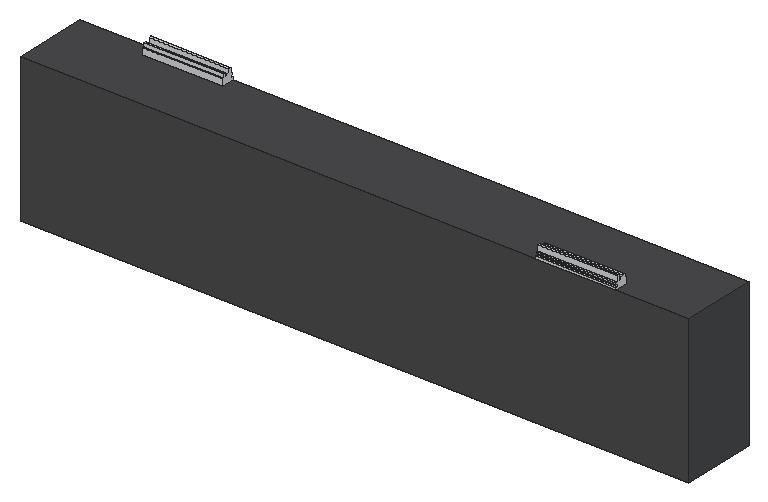
Revit family "DTM15W3.1.36", category Luminarias, Revit 2019
Family settings
  Cota de conector redondo = Diámetro de uso
  Tipo de pieza = Normal
  Se basa en plano de trabajo = Sí
  Siempre vertical = Sí
  Corte con vacíos al cargar = No
  Origen de luz = Sí
  Compartido = No
  Punto de cálculo de habitación = No
Parameters (values of type "RECTANGULAR DWN RIEL_DTM15W3.1.36")
  Ángulo de inclinación = 60.00°
  Zone [instance] = ""
  Watt per fixture = 15
  Wattage = 15 W
  built-in parameter 1150107 = 3000 (stored number, unit not read)
  built-in parameter 1150110 = 1 (stored number, unit not read)
  built-in parameter 1150109 = 1 (stored number, unit not read)
  built-in parameter 1150112 = 1 (stored number, unit not read)
  built-in parameter 1150113 = 1 (stored number, unit not read)
  built-in parameter 1114218 = 1 (stored number, unit not read)
  Keynote = ""
  built-in parameter 1150137 = (empty or 0)
  built-in parameter 1150132 = (empty or 0)
  Modelo = "DTM15W3.1.36"
  Lámpara = "3030SMD PHILIPS"
  built-in parameter 1150105 = 102.65 (stored number, unit not read)
  built-in parameter 1150102 = (empty or 0)
  built-in parameter 1150106 = 1.0265 (stored number, unit not read)
  Lumens = 1290 lm
  Color Filter = 16777215
  built-in parameter 1114217 = 1 (stored number, unit not read)
  built-in parameter 1150139 = (empty or 0)
  Fabricante = "BRILLANT"
  Default Elevation = 1219.2 mm
  built-in parameter 1150104 = 7.9897 (stored number, unit not read)
  Descripción = "LUMINARIA DOWNLIGHT EN FORMATO RECTANGULAR COMPATIBLE CON RIEL DE 6 ENTRADAS Y 3 CIRCUITOS, CUERPO DE ALUMINIO ACABADO EN COLOR NEGRO, IP 20, PESO 0.78Kg, TIPO DE LED 3030SMD PHILIPS CON 15W TOTAL, 1300 LUMENES, 86LM/W, IRC 90, TEMPERATURA EN BLANCO CALIDO 3000K, 50 MIL HORAS DE VIDA PROMEDIO, APERTURA DE 36 GRADOS POR PROYECTO, ALIMENTADO A 90-240V"
  built-in parameter 1150115 = 1 (stored number, unit not read)
  built-in parameter 1150114 = 1 (stored number, unit not read)
  Comentarios de vataje = "90-240V"
  built-in parameter 1150138 = (empty or 0)
  built-in parameter 1150134 = (empty or 0)
  Circuit [instance] = ""
  Dimming Lamp Color Temperature Shift = (empty or 0)
  Archivo de red fotométrica = "L328A-15W-830-B-36_IESNA95.IES"
  built-in parameter 1150133 = 10 (stored number, unit not read)
Reference planes
  plane 1 "Centro (Frontal/Posterior)": y = 0
  plane 2: z = 0
  plane 3 "Centro (Izquierda/Derecha)": x = 0
Forms (mm)
  Extrusion 1, solid, material "Default Form"
    sketch origin (0, 0, 0) x (1, 0, 0) y (0, 0, 1)
      loop
        line (-164, 0) -> (-164, -72) -> (164, -72) -> (164, 0) -> (-164, 0)
    from -18.326 to 18.326
  Extrusion 2, solid
    sketch origin (0, 0, 3.217) x (0, 1, 0) y (0, 0, 1)
      loop
        line (-12.149, -3.217) -> (-12.149, 0) -> (-12.935, 0) -> (-12.935, 1.637) -> (-13.796, 1.637) -> (-13.796, 0) -> (-14.582, 0) -> (-14.582, 0.811) -> (-15.443, 0.811) -> (-15.443, 0) -> (-16.233, 0) -> (-16.233, 2.691) -> (-17.279, 2.691) -> (-17.279, 0) -> (-18.061, 0) -> (-18.061, -0.861) -> (-17.162, -0.861) -> (-17.162, -2.042) -> (-18.326, -2.042) -> (-18.326, -3.217) -> (-12.149, -3.217)
    from 89.098 to 128.24
  Blend 3, void
    base sketch origin (0, 0, 0) x (1, 0, 0) y (0, 1, 0)
      loop
        line (-162, 16.149) -> (-162, -16.149) -> (-144.14, -16.149) -> (-144.14, 16.149) -> (-162, 16.149)
    top sketch origin (0, 0, 0) x (1, 0, 0) y (0, 1, 0)
      loop
        line (-160, 12.149) -> (-160, -12.149) -> (-146.14, -12.149) -> (-146.14, 12.149) -> (-160, 12.149)
    from -72 to -61.591
  Blend 4, void
    base sketch origin (21.86, 0, 0) x (1, 0, 0) y (0, 1, 0)
      loop
        line (-162, 16.149) -> (-162, -16.149) -> (-144.14, -16.149) -> (-144.14, 16.149) -> (-162, 16.149)
    top sketch origin (21.86, 0, 0) x (1, 0, 0) y (0, 1, 0)
      loop
        line (-160, 12.149) -> (-160, -12.149) -> (-146.14, -12.149) -> (-146.14, 12.149) -> (-160, 12.149)
    from -72 to -61.591
  Blend 5, void
    base sketch origin (43.72, 0, 0) x (1, 0, 0) y (0, 1, 0)
      loop
        line (-162, 16.149) -> (-162, -16.149) -> (-144.14, -16.149) -> (-144.14, 16.149) -> (-162, 16.149)
    top sketch origin (43.72, 0, 0) x (1, 0, 0) y (0, 1, 0)
      loop
        line (-160, 12.149) -> (-160, -12.149) -> (-146.14, -12.149) -> (-146.14, 12.149) -> (-160, 12.149)
    from -72 to -61.591
  Blend 6, void
    base sketch origin (65.58, 0, 0) x (1, 0, 0) y (0, 1, 0)
      loop
        line (-162, 16.149) -> (-162, -16.149) -> (-144.14, -16.149) -> (-144.14, 16.149) -> (-162, 16.149)
    top sketch origin (65.58, 0, 0) x (1, 0, 0) y (0, 1, 0)
      loop
        line (-160, 12.149) -> (-160, -12.149) -> (-146.14, -12.149) -> (-146.14, 12.149) -> (-160, 12.149)
    from -72 to -61.591
  Blend 7, void
    base sketch origin (87.44, 0, 0) x (1, 0, 0) y (0, 1, 0)
      loop
        line (-162, 16.149) -> (-162, -16.149) -> (-144.14, -16.149) -> (-144.14, 16.149) -> (-162, 16.149)
    top sketch origin (87.44, 0, 0) x (1, 0, 0) y (0, 1, 0)
      loop
        line (-160, 12.149) -> (-160, -12.149) -> (-146.14, -12.149) -> (-146.14, 12.149) -> (-160, 12.149)
    from -72 to -61.591
  Blend 8, void
    base sketch origin (109.3, 0, 0) x (1, 0, 0) y (0, 1, 0)
      loop
        line (-162, 16.149) -> (-162, -16.149) -> (-144.14, -16.149) -> (-144.14, 16.149) -> (-162, 16.149)
    top sketch origin (109.3, 0, 0) x (1, 0, 0) y (0, 1, 0)
      loop
        line (-160, 12.149) -> (-160, -12.149) -> (-146.14, -12.149) -> (-146.14, 12.149) -> (-160, 12.149)
    from -72 to -61.591
  Blend 9, void
    base sketch origin (131.16, 0, 0) x (1, 0, 0) y (0, 1, 0)
      loop
        line (-162, 16.149) -> (-162, -16.149) -> (-144.14, -16.149) -> (-144.14, 16.149) -> (-162, 16.149)
    top sketch origin (131.16, 0, 0) x (1, 0, 0) y (0, 1, 0)
      loop
        line (-160, 12.149) -> (-160, -12.149) -> (-146.14, -12.149) -> (-146.14, 12.149) -> (-160, 12.149)
    from -72 to -61.591
  Blend 10, void
    base sketch origin (153.02, 0, 0) x (1, 0, 0) y (0, 1, 0)
      loop
        line (-162, 16.149) -> (-162, -16.149) -> (-144.14, -16.149) -> (-144.14, 16.149) -> (-162, 16.149)
    top sketch origin (153.02, 0, 0) x (1, 0, 0) y (0, 1, 0)
      loop
        line (-160, 12.149) -> (-160, -12.149) -> (-146.14, -12.149) -> (-146.14, 12.149) -> (-160, 12.149)
    from -72 to -61.591
  Blend 11, void
    base sketch origin (174.88, 0, 0) x (1, 0, 0) y (0, 1, 0)
      loop
        line (-162, 16.149) -> (-162, -16.149) -> (-144.14, -16.149) -> (-144.14, 16.149) -> (-162, 16.149)
    top sketch origin (174.88, 0, 0) x (1, 0, 0) y (0, 1, 0)
      loop
        line (-160, 12.149) -> (-160, -12.149) -> (-146.14, -12.149) -> (-146.14, 12.149) -> (-160, 12.149)
    from -72 to -61.591
  Blend 12, void
    base sketch origin (196.74, 0, 0) x (1, 0, 0) y (0, 1, 0)
      loop
        line (-162, 16.149) -> (-162, -16.149) -> (-144.14, -16.149) -> (-144.14, 16.149) -> (-162, 16.149)
    top sketch origin (196.74, 0, 0) x (1, 0, 0) y (0, 1, 0)
      loop
        line (-160, 12.149) -> (-160, -12.149) -> (-146.14, -12.149) -> (-146.14, 12.149) -> (-160, 12.149)
    from -72 to -61.591
  Blend 13, void
    base sketch origin (218.6, 0, 0) x (1, 0, 0) y (0, 1, 0)
      loop
        line (-162, 16.149) -> (-162, -16.149) -> (-144.14, -16.149) -> (-144.14, 16.149) -> (-162, 16.149)
    top sketch origin (218.6, 0, 0) x (1, 0, 0) y (0, 1, 0)
      loop
        line (-160, 12.149) -> (-160, -12.149) -> (-146.14, -12.149) -> (-146.14, 12.149) -> (-160, 12.149)
    from -72 to -61.591
  Blend 14, void
    base sketch origin (240.46, 0, 0) x (1, 0, 0) y (0, 1, 0)
      loop
        line (-162, 16.149) -> (-162, -16.149) -> (-144.14, -16.149) -> (-144.14, 16.149) -> (-162, 16.149)
    top sketch origin (240.46, 0, 0) x (1, 0, 0) y (0, 1, 0)
      loop
        line (-160, 12.149) -> (-160, -12.149) -> (-146.14, -12.149) -> (-146.14, 12.149) -> (-160, 12.149)
    from -72 to -61.591
  Blend 15, void
    base sketch origin (262.32, 0, 0) x (1, 0, 0) y (0, 1, 0)
      loop
        line (-162, 16.149) -> (-162, -16.149) -> (-144.14, -16.149) -> (-144.14, 16.149) -> (-162, 16.149)
    top sketch origin (262.32, 0, 0) x (1, 0, 0) y (0, 1, 0)
      loop
        line (-160, 12.149) -> (-160, -12.149) -> (-146.14, -12.149) -> (-146.14, 12.149) -> (-160, 12.149)
    from -72 to -61.591
  Blend 16, void
    base sketch origin (284.18, 0, 0) x (1, 0, 0) y (0, 1, 0)
      loop
        line (-162, 16.149) -> (-162, -16.149) -> (-144.14, -16.149) -> (-144.14, 16.149) -> (-162, 16.149)
    top sketch origin (284.18, 0, 0) x (1, 0, 0) y (0, 1, 0)
      loop
        line (-160, 12.149) -> (-160, -12.149) -> (-146.14, -12.149) -> (-146.14, 12.149) -> (-160, 12.149)
    from -72 to -61.591
  Blend 17, void
    base sketch origin (306.04, 0, 0) x (1, 0, 0) y (0, 1, 0)
      loop
        line (-162, 16.149) -> (-162, -16.149) -> (-144.14, -16.149) -> (-144.14, 16.149) -> (-162, 16.149)
    top sketch origin (306.04, 0, 0) x (1, 0, 0) y (0, 1, 0)
      loop
        line (-160, 12.149) -> (-160, -12.149) -> (-146.14, -12.149) -> (-146.14, 12.149) -> (-160, 12.149)
    from -72 to -61.591
  Extrusion 18, solid
    sketch origin (0, 0, 3.217) x (0, -1, 0) y (0, 0, 1)
      loop
        line (-12.149, -3.217) -> (-12.149, 0) -> (-12.935, 0) -> (-12.935, 1.637) -> (-13.796, 1.637) -> (-13.796, 0) -> (-14.582, 0) -> (-14.582, 0.811) -> (-15.443, 0.811) -> (-15.443, 0) -> (-16.233, 0) -> (-16.233, 2.691) -> (-17.279, 2.691) -> (-17.279, 0) -> (-18.061, 0) -> (-18.061, -0.861) -> (-17.162, -0.861) -> (-17.162, -2.042) -> (-18.326, -2.042) -> (-18.326, -3.217) -> (-12.149, -3.217)
    from 89.098 to 128.24
Cuts and joins
  Blend 3, Blend 4, Blend 5, Blend 6, Blend 7, Blend 8, Blend 9, Blend 10, Blend 11, Blend 12, Blend 13, Blend 14, Blend 15, Blend 16, Blend 17 cuts Extrusion 1
Dimensions and locks
  equal spacing: Extrusion 1, plane 1 "Centro (Frontal/Posterior)", Extrusion 1
  Extrusion 1 to plane 1 "Centro (Frontal/Posterior)" = 18.326 mm
  Extrusion 1 to Extrusion 1 = 36.651 mm
  Extrusion 1 to Extrusion 1 = 72 mm
  Extrusion 1 to Extrusion 1 = 328 mm
  equal spacing: group 1, group 2, group 3, group 4, group 5, group 6, group 7, group 8, group 9, group 10, group 11, group 12, group 13, group 14  (x3)
  cut or joined group 1 (Extrusion 1, Blend 3, Blend 4, Blend 5, Blend 6, Blend 7, Blend 8, Blend 9, Blend 10, Blend 11, Blend 12, Blend 13, Blend 14, Blend 15, Blend 16, Blend 17) to cut or joined group 1 = 72 mm
  cut or joined group 1 to cut or joined group 1 = 36.651 mm
  cut or joined group 1 to cut or joined group 1 = 328 mm
  equal spacing: cut or joined group 1, plane 1 "Centro (Frontal/Posterior)", cut or joined group 1
  aligned and locked: level to plane 2
Automatic sketch dimensions
  Blend 4 sketch curve to Blend 4 sketch curve = 17.86 mm
  Blend 4 sketch curve to Blend 4 sketch curve = 13.86 mm
  Blend 4 sketch curve to Blend 4 sketch curve = 32.298 mm
  Blend 4 sketch curve to Blend 4 sketch curve = 24.298 mm
  Blend 5 sketch curve to Blend 5 sketch curve = 17.86 mm
  Blend 5 sketch curve to Blend 5 sketch curve = 13.86 mm
  Blend 5 sketch curve to Blend 5 sketch curve = 32.298 mm
  Blend 5 sketch curve to Blend 5 sketch curve = 24.298 mm
  Blend 6 sketch curve to Blend 6 sketch curve = 17.86 mm
  Blend 6 sketch curve to Blend 6 sketch curve = 13.86 mm
  Blend 6 sketch curve to Blend 6 sketch curve = 32.298 mm
  Blend 6 sketch curve to Blend 6 sketch curve = 24.298 mm
  Blend 7 sketch curve to Blend 7 sketch curve = 17.86 mm
  Blend 7 sketch curve to Blend 7 sketch curve = 13.86 mm
  Blend 7 sketch curve to Blend 7 sketch curve = 32.298 mm
  Blend 7 sketch curve to Blend 7 sketch curve = 24.298 mm
  Blend 8 sketch curve to Blend 8 sketch curve = 17.86 mm
  Blend 8 sketch curve to Blend 8 sketch curve = 13.86 mm
  Blend 8 sketch curve to Blend 8 sketch curve = 32.298 mm
  Blend 8 sketch curve to Blend 8 sketch curve = 24.298 mm
  Blend 9 sketch curve to Blend 9 sketch curve = 17.86 mm
  Blend 9 sketch curve to Blend 9 sketch curve = 13.86 mm
  Blend 9 sketch curve to Blend 9 sketch curve = 32.298 mm
  Blend 9 sketch curve to Blend 9 sketch curve = 24.298 mm
  Blend 10 sketch curve to Blend 10 sketch curve = 17.86 mm
  Blend 10 sketch curve to Blend 10 sketch curve = 13.86 mm
  Blend 10 sketch curve to Blend 10 sketch curve = 32.298 mm
  Blend 10 sketch curve to Blend 10 sketch curve = 24.298 mm
  Blend 11 sketch curve to Blend 11 sketch curve = 17.86 mm
  Blend 11 sketch curve to Blend 11 sketch curve = 13.86 mm
  Blend 11 sketch curve to Blend 11 sketch curve = 32.298 mm
  Blend 11 sketch curve to Blend 11 sketch curve = 24.298 mm
  Blend 12 sketch curve to Blend 12 sketch curve = 17.86 mm
  Blend 12 sketch curve to Blend 12 sketch curve = 13.86 mm
  Blend 12 sketch curve to Blend 12 sketch curve = 32.298 mm
  Blend 12 sketch curve to Blend 12 sketch curve = 24.298 mm
  Blend 13 sketch curve to Blend 13 sketch curve = 17.86 mm
  Blend 13 sketch curve to Blend 13 sketch curve = 13.86 mm
  Blend 13 sketch curve to Blend 13 sketch curve = 32.298 mm
  Blend 13 sketch curve to Blend 13 sketch curve = 24.298 mm
  Blend 14 sketch curve to Blend 14 sketch curve = 17.86 mm
  Blend 14 sketch curve to Blend 14 sketch curve = 13.86 mm
  Blend 14 sketch curve to Blend 14 sketch curve = 32.298 mm
  Blend 14 sketch curve to Blend 14 sketch curve = 24.298 mm
  Blend 15 sketch curve to Blend 15 sketch curve = 17.86 mm
  Blend 15 sketch curve to Blend 15 sketch curve = 13.86 mm
  Blend 15 sketch curve to Blend 15 sketch curve = 32.298 mm
  Blend 15 sketch curve to Blend 15 sketch curve = 24.298 mm
  Blend 16 sketch curve to Blend 16 sketch curve = 17.86 mm
  Blend 16 sketch curve to Blend 16 sketch curve = 13.86 mm
  Blend 16 sketch curve to Blend 16 sketch curve = 32.298 mm
  Blend 16 sketch curve to Blend 16 sketch curve = 24.298 mm
  Blend 17 sketch curve to Blend 17 sketch curve = 17.86 mm
  Blend 17 sketch curve to Blend 17 sketch curve = 13.86 mm
  Blend 17 sketch curve to Blend 17 sketch curve = 32.298 mm
  Blend 17 sketch curve to Blend 17 sketch curve = 24.298 mm
  Extrusion 1 sketch curve to level = 0 mm
  Extrusion 1 sketch curve to level = 72 mm
  Extrusion 1 sketch curve to plane 3 "Centro (Izquierda/Derecha)" = 164 mm
  plane 3 "Centro (Izquierda/Derecha)" to Extrusion 1 sketch curve = 164 mm
  Blend 3 sketch curve to plane 1 "Centro (Frontal/Posterior)" = 16.149 mm
  Blend 3 sketch curve to plane 3 "Centro (Izquierda/Derecha)" = 162 mm
  Blend 3 sketch curve to Blend 3 sketch curve = 17.86 mm
  plane 1 "Centro (Frontal/Posterior)" to Blend 3 sketch curve = 16.149 mm
  Blend 3 sketch curve to plane 1 "Centro (Frontal/Posterior)" = 12.149 mm
  Blend 3 sketch curve to plane 3 "Centro (Izquierda/Derecha)" = 160 mm
  Blend 3 sketch curve to Blend 3 sketch curve = 13.86 mm
  plane 1 "Centro (Frontal/Posterior)" to Blend 3 sketch curve = 12.149 mm
  Extrusion 18 sketch curve to level = 0 mm
  level to Extrusion 18 sketch curve = 1.175 mm
  Extrusion 18 sketch curve to plane 1 "Centro (Frontal/Posterior)" = 18.326 mm
  Extrusion 18 sketch curve to Extrusion 18 sketch curve = 0.265 mm
  Extrusion 18 sketch curve to Extrusion 18 sketch curve = 0.782 mm
  Extrusion 18 sketch curve to Extrusion 18 sketch curve = 1.164 mm
  Extrusion 18 sketch curve to Extrusion 18 sketch curve = 1.046 mm
  Extrusion 18 sketch curve to Extrusion 18 sketch curve = 0.789 mm
  Extrusion 18 sketch curve to Extrusion 18 sketch curve = 0.861 mm  (x3)
  Extrusion 18 sketch curve to Extrusion 18 sketch curve = 0.786 mm
  Extrusion 18 sketch curve to Extrusion 18 sketch curve = 0.785 mm
  Extrusion 18 sketch curve to Extrusion 18 sketch curve = 1.181 mm
  level to Extrusion 18 sketch curve = 3.217 mm
  Extrusion 18 sketch curve to Extrusion 18 sketch curve = 0 mm  (x2)
  Extrusion 18 sketch curve to Extrusion 18 sketch curve = 0.811 mm
  Extrusion 18 sketch curve to Extrusion 18 sketch curve = 0.826 mm
  Extrusion 18 sketch curve to Extrusion 18 sketch curve = 1.88 mm
  Extrusion 2 sketch curve to level = 0 mm
  level to Extrusion 2 sketch curve = 1.175 mm
  plane 1 "Centro (Frontal/Posterior)" to Extrusion 2 sketch curve = 18.326 mm
  Extrusion 2 sketch curve to Extrusion 2 sketch curve = 0.265 mm
  Extrusion 2 sketch curve to Extrusion 2 sketch curve = 0.782 mm
  Extrusion 2 sketch curve to Extrusion 2 sketch curve = 0.117 mm
  Extrusion 2 sketch curve to Extrusion 2 sketch curve = 1.046 mm
  Extrusion 2 sketch curve to Extrusion 2 sketch curve = 0.789 mm
  Extrusion 2 sketch curve to Extrusion 2 sketch curve = 0.861 mm  (x3)
  Extrusion 2 sketch curve to Extrusion 2 sketch curve = 0.786 mm
  Extrusion 2 sketch curve to Extrusion 2 sketch curve = 0.785 mm
  Extrusion 2 sketch curve to Extrusion 2 sketch curve = 1.181 mm
  Extrusion 2 sketch curve to Extrusion 2 sketch curve = 3.217 mm
  Extrusion 2 sketch curve to Extrusion 2 sketch curve = 0 mm  (x2)
  Extrusion 2 sketch curve to Extrusion 2 sketch curve = 0.811 mm
  Extrusion 2 sketch curve to Extrusion 2 sketch curve = 0.826 mm
  Extrusion 2 sketch curve to Extrusion 2 sketch curve = 1.88 mm
Connectors
  electrical at (0, 0, 0)
    settings: on cut or joined group 1, index 1, voltage 240 V, apparent load 0 VA, apparent load phase1 0 VA, apparent load phase2 0 VA, apparent load phase3 0 VA, power factor 1, load classification "Otro", number of poles 1, system type 31, power factor state 1, is connector primary yes, connector utility no, sub classification motor no, connector description ""
